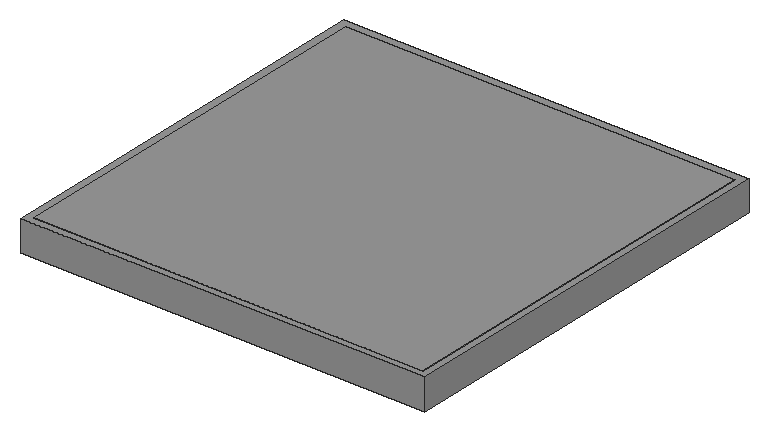
Revit family "ДВО-09 30 Вт Грильято DALI", category Осветительные приборы, Revit 2019 (continued)
Parameters (values of type "ДВО-09-О-30-3К-IP40-Грильято-DALI")
    017.2 1004.6 991.4 978.3 964.7 951.1 937.4 923.4 908.9 894.5 879.4 864.4 848.5 832.5 815.9 799.4 782.4 765.5 748.1 730.8 713.1 695.7 677.3 659.3 640.5 621.9 602.4 583.3 563.7 544.6 524.8 505.4 485.4 465.4 444.8 424.7 403.8 382.9 362.4 341.4 320.7 299.8 279.3 258.6 238.4 217.9 198.2 178.3 159.2 140.1 121.9 104.0 87.4 71.6 57.5 44.5 33.3 24.2 17.3 12.3 9.1 7.2 6.3 6.1 6.1 6.1 6.2 6.1 6.2 6.3 6.2 0.0 0.0 0.0 0.0 0.0 0.0 0.0 0.0 0.0 0.0 0.0 0.0 0.0 0.0 0.0 0.0 0.0 0.0 0.0 0.0 0.0 0.0 0.0 0.0 0.0 0.0 0.0 0.0 0.0 0.0 0.0 0.0 0.0 0.0 0.0 0.0 0.0 0.0 0.0 0.0 0.0 0.0 0.0 0.0 0.0 0.0 0.0 0.0 0.0 0.0 0.0 0.0 0.0 0.0 0.0 0.0 0.0 0.0 0.0 0.0 0.0\r\n1213.1 1212.5 1211.4 1209.7 1207.7 1205.2 1202.4 1199.0 1195.1 1191.1 1186.4 1181.3 1175.8 1169.6 1163.1 1156.1 1148.7 1141.0 1132.7 1124.2 1115.2 1105.9 1096.5 1086.6 1076.2 1065.2 1054.2 1042.6 1030.9 1018.7 1006.2 993.3 980.2 966.5 952.8 939.0 924.7 910.3 895.5 880.5 865.0 849.3 833.2 816.8 800.2 783.4 766.4 749.3 732.0 714.6 697.1 679.1 660.9 642.4 623.7 604.6 585.4 566.0 546.5 526.9 507.2 487.3 467.1 446.8 426.5 405.8 385.0 364.5 343.5 322.9 301.9 281.4 260.6 240.4 219.8 200.1 180.2 161.0 141.9 123.4 105.7 88.9 73.1 58.6 45.7 34.3 25.1 18.0 12.9 9.6 7.6 6.6 6.2 6.1 6.2 6.2 6.2 6.2 6.3 6.3 0.0 0.0 0.0 0.0 0.0 0.0 0.0 0.0 0.0 0.0 0.0 0.0 0.0 0.0 0.0 0.0 0.0 0.0 0.0 0.0 0.0 0.0 0.0 0.0 0.0 0.0 0.0 0.0 0.0 0.0 0.0 0.0 0.0 0.0 0.0 0.0 0.0 0.0 0.0 0.0 0.0 0.0 0.0 0.0 0.0 0.0 0.0 0.0 0.0 0.0 0.0 0.0 0.0 0.0 0.0 0.0 0.0 0.0 0.0 0.0 0.0\r\n1213.1 1212.4 1211.4 1209.9 1207.9 1205.4 1202.5 1199.2 1195.4 1191.4 1186.7 1181.5 1176.1 1170.0 1163.6 1156.8 1149.5 1141.8 1133.8 1125.3 1116.3 1106.9 1097.4 1087.3 1076.9 1066.0 1055.1 1043.6 1032.1 1020.1 1007.7 995.1 982.0 968.3 954.5 940.5 926.0 911.6 896.4 881.5 865.6 850.1 833.9 817.7 801.0 784.3 767.3 750.5 733.2 716.1 698.4 680.8 662.5 644.3 625.5 606.7 587.4 568.2 548.4 528.9 509.0 489.1 468.8 448.8 428.2 407.8 387.1 366.6 345.6 325.0 304.0 283.4 262.5 242.3 221.7 201.9 182.0 162.7 143.6 124.9 107.4 90.3 74.6 59.7 46.8 35.2 26.0 18.6 13.5 10.1 7.9 6.9 6.3 6.1 6.2 6.2 6.2 6.2 6.3 6.4 0.0 0.0 0.0 0.0 0.0 0.0 0.0 0.0 0.0 0.0 0.0 0.0 0.0 0.0 0.0 0.0 0.0 0.0 0.0 0.0 0.0 0.0 0.0 0.0 0.0 0.0 0.0 0.0 0.0 0.0 0.0 0.0 0.0 0.0 0.0 0.0 0.0 0.0 0.0 0.0 0.0 0.0 0.0 0.0 0.0 0.0 0.0 0.0 0.0 0.0 0.0 0.0 0.0 0.0 0.0 0.0 0.0 0.0 0.0 0.0 0.0\r\n1213.1 1212.4 1211.2 1209.5 1207.3 1204.6 1201.4 1197.9 1193.9 1189.7 1184.8 1179.6 1173.9 1167.8 1161.1 1154.1 1146.5 1138.6 1130.3 1121.6 1112.5 1102.9 1093.3 1083.0 1072.6 1061.6 1050.5 1038.7 1027.0 1014.6 1002.0 989.0 975.7 961.8 947.9 933.7 919.2 904.6 889.6 874.5 859.0 843.5 827.5 811.2 794.7 777.8 760.8 743.6 726.1 708.5 690.7 672.6 654.3 635.8 617.2 598.2 579.1 559.8 540.3 520.6 500.6 480.7 460.3 440.2 419.4 399.0 378.2 357.6 336.7 316.2 295.3 275.0 254.3 234.4 214.1 194.5 175.0 156.0 137.2 119.1 101.8 85.3 70.0 55.8 43.3 32.6 23.9 17.1 12.4 9.3 7.5 6.7 6.4 6.3 6.4 6.4 6.3 6.4 6.5 6.6 0.0 0.0 0.0 0.0 0.0 0.0 0.0 0.0 0.0 0.0 0.0 0.0 0.0 0.0 0.0 0.0 0.0 0.0 0.0 0.0 0.0 0.0 0.0 0.0 0.0 0.0 0.0 0.0 0.0 0.0 0.0 0.0 0.0 0.0 0.0 0.0 0.0 0.0 0.0 0.0 0.0 0.0 0.0 0.0 0.0 0.0 0.0 0.0 0.0 0.0 0.0 0.0 0.0 0.0 0.0 0.0 0.0 0.0 0.0 0.0 0.0\r\n1213.1 1212.4 1211.0 1209.0 1206.6 1203.8 1200.3 1196.6 1192.3 1187.9 1182.9 1177.6 1171.6 1165.5 1158.5 1151.3 1143.5 1135.3 1126.8 1117.8 1108.6 1098.9 1089.1 1078.7 1068.2 1057.1 1045.8 1033.8 1021.8 1009.1 996.3 982.8 969.3 955.2 941.2 926.8 912.4 897.5 882.7 867.5 852.4 836.8 821.0 804.7 788.4 771.2 754.2 736.6 719.0 700.8 683.0 664.4 646.1 627.2 608.8 589.7 570.8 551.3 532.1 512.2 492.1 472.3 451.8 431.6 410.6 390.1 369.2 348.6 327.7 307.3 286.6 266.5 246.0 226.4 206.4 187.1 167.9 149.3 130.8 113.3 96.2 80.2 65.4 51.9 39.8 29.9 21.7 15.6 11.2 8.5 7.0 6.5 6.4 6.4 6.5 6.6 6.4 6.6 6.7 6.7 0.0 0.0 0.0 0.0 0.0 0.0 0.0 0.0 0.0 0.0 0.0 0.0 0.0 0.0 0.0 0.0 0.0 0.0 0.0 0.0 0.0 0.0 0.0 0.0 0.0 0.0 0.0 0.0 0.0 0.0 0.0 0.0 0.0 0.0 0.0 0.0 0.0 0.0 0.0 0.0 0.0 0.0 0.0 0.0 0.0 0.0 0.0 0.0 0.0 0.0 0.0 0.0 0.0 0.0 0.0 0.0 0.0 0.0 0.0 0.0 0.0\r\n1213.1 1212.5 1211.3 1209.5 1207.5 1205.0 1202.2 1198.8 1194.8 1190.7 1186.0 1181.0 1175.4 1169.1 1162.5 1155.4 1147.9 1140.1 1131.6 1123.0 1114.0 1104.9 1095.6 1085.8 1075.4 1064.4 1053.3 1041.6 1029.7 1017.2 1004.6 991.4 978.3 964.7 951.1 937.4 923.4 908.9 894.5 879.4 864.4 848.5 832.5 815.9 799.4 782.4 765.5 748.1 730.8 713.1 695.7 677.3 659.3 640.5 621.9 602.4 583.3 563.7 544.6 524.8 505.4 485.4 465.4 444.8 424.7 403.8 382.9 362.4 341.4 320.7 299.8 279.3 258.6 238.4 217.9 198.2 178.3 159.2 140.1 121.9 104.0 87.4 71.6 57.5 44.5 33.3 24.2 17.3 12.3 9.1 7.2 6.3 6.1 6.1 6.1 6.2 6.1 6.2 6.3 6.2 0.0 0.0 0.0 0.0 0.0 0.0 0.0 0.0 0.0 0.0 0.0 0.0 0.0 0.0 0.0 0.0 0.0 0.0 0.0 0.0 0.0 0.0 0.0 0.0 0.0 0.0 0.0 0.0 0.0 0.0 0.0 0.0 0.0 0.0 0.0 0.0 0.0 0.0 0.0 0.0 0.0 0.0 0.0 0.0 0.0 0.0 0.0 0.0 0.0 0.0 0.0 0.0 0.0 0.0 0.0 0.0 0.0 0.0 0.0 0.0 0.0\r\n1213.1 1212.5 1211.4 1209.7 1207.7 1205.2 1202.4 1199.0 1195.1 1191.1 1186.4 1181.3 1175.8 1169.6 1163.1 1156.1 1148.7 1141.0 1132.7 1124.2 1115.2 1105.9 1096.5 1086.6 1076.2 1065.2 1054.2 1042.6 1030.9 1018.7 1006.2 993.3 980.2 966.5 952.8 939.0 924.7 910.3 895.5 880.5 865.0 849.3 833.2 816.8 800.2 783.4 766.4 749.3 732.0 714.6 697.1 679.1 660.9 642.4 623.7 604.6 585.4 566.0 546.5 526.9 507.2 487.3 467.1 446.8 426.5 405.8 385.0 364.5 343.5 322.9 301.9 281.4 260.6 240.4 219.8 200.1 180.2 161.0 141.9 123.4 105.7 88.9 73.1 58.6 45.7 34.3 25.1 18.0 12.9 9.6 7.6 6.6 6.2 6.1 6.2 6.2 6.2 6.2 6.3 6.3 0.0 0.0 0.0 0.0 0.0 0.0 0.0 0.0 0.0 0.0 0.0 0.0 0.0 0.0 0.0 0.0 0.0 0.0 0.0 0.0 0.0 0.0 0.0 0.0 0.0 0.0 0.0 0.0 0.0 0.0 0.0 0.0 0.0 0.0 0.0 0.0 0.0 0.0 0.0 0.0 0.0 0.0 0.0 0.0 0.0 0.0 0.0 0.0 0.0 0.0 0.0 0.0 0.0 0.0 0.0 0.0 0.0 0.0 0.0 0.0 0.0\r\n1213.1 1212.4 1211.4 1209.9 1207.9 1205.4 1202.5 1199.2 1195.4 1191.4 1186.7 1181.5 1176.1 1170.0 1163.6 1156.8 1149.5 1141.8 1133.8 1125.3 1116.3 1106.9 1097.4 1087.3 1076.9 1066.0 1055.1 1043.6 1032.1 1020.1 1007.7 995.1 982.0 968.3 954.5 940.5 926.0 911.6 896.4 881.5 865.6 850.1 833.9 817.7 801.0 784.3 767.3 750.5 733.2 716.1 698.4 680.8 662.5 644.3 625.5 606.7 587.4 568.2 548.4 528.9 509.0 489.1 468.8 448.8 428.2 407.8 387.1 366.6 345.6 325.0 304.0 283.4 262.5 242.3 221.7 201.9 182.0 162.7 143.6 124.9 107.4 90.3 74.6 59.7 46.8 35.2 26.0 18.6 13.5 10.1 7.9 6.9 6.3 6.1 6.2 6.2 6.2 6.2 6.3 6.4 0.0 0.0 0.0 0.0 0.0 0.0 0.0 0.0 0.0 0.0 0.0 0.0 0.0 0.0 0.0 0.0 0.0 0.0 0.0 0.0 0.0 0.0 0.0 0.0 0.0 0.0 0.0 0.0 0.0 0.0 0.0 0.0 0.0 0.0 0.0 0.0 0.0 0.0 0.0 0.0 0.0 0.0 0.0 0.0 0.0 0.0 0.0 0.0 0.0 0.0 0.0 0.0 0.0 0.0 0.0 0.0 0.0 0.0 0.0 0.0 0.0\r\n1213.1 1212.4 1211.2 1209.5 1207.3 1204.6 1201.4 1197.9 1193.9 1189.7 1184.8 1179.6 1173.9 1167.8 1161.1 1154.1 1146.5 1138.6 1130.3 1121.6 1112.5 1102.9 1093.3 1083.0 1072.6 1061.6 1050.5 1038.7 1027.0 1014.6 1002.0 989.0 975.7 961.8 947.9 933.7 919.2 904.6 889.6 874.5 859.0 843.5 827.5 811.2 794.7 777.8 760.8 743.6 726.1 708.5 690.7 672.6 654.3 635.8 617.2 598.2 579.1 559.8 540.3 520.6 500.6 480.7 460.3 440.2 419.4 399.0 378.2 357.6 336.7 316.2 295.3 275.0 254.3 234.4 214.1 194.5 175.0 156.0 137.2 119.1 101.8 85.3 70.0 55.8 43.3 32.6 23.9 17.1 12.4 9.3 7.5 6.7 6.4 6.3 6.4 6.4 6.3 6.4 6.5 6.6 0.0 0.0 0.0 0.0 0.0 0.0 0.0 0.0 0.0 0.0 0.0 0.0 0.0 0.0 0.0 0.0 0.0 0.0 0.0 0.0 0.0 0.0 0.0 0.0 0.0 0.0 0.0 0.0 0.0 0.0 0.0 0.0 0.0 0.0 0.0 0.0 0.0 0.0 0.0 0.0 0.0 0.0 0.0 0.0 0.0 0.0 0.0 0.0 0.0 0.0 0.0 0.0 0.0 0.0 0.0 0.0 0.0 0.0 0.0 0.0 0.0\r\n1213.1 1212.4 1211.0 1209.0 1206.6 1203.8 1200.3 1196.6 1192.3 1187.9 1182.9 1177.6 1171.6 1165.5 1158.5 1151.3 1143.5 1135.3 1126.8 1117.8 1108.6 1098.9 1089.1 1078.7 1068.2 1057.1 1045.8 1033.8 1021.8 1009.1 996.3 982.8 969.3 955.2 941.2 926.8 912.4 897.5 882.7 867.5 852.4 836.8 821.0 804.7 788.4 771.2 754.2 736.6 719.0 700.8 683.0 664.4 646.1 627.2 608.8 589.7 570.8 551.3 532.1 512.2 492.1 472.3 451.8 431.6 410.6 390.1 369.2 348.6 327.7 307.3 286.6 266.5 246.0 226.4 206.4 187.1 167.9 149.3 130.8 113.3 96.2 80.2 65.4 51.9 39.8 29.9 21.7 15.6 11.2 8.5 7.0 6.5 6.4 6.4 6.5 6.6 6.4 6.6 6.7 6.7 0.0 0.0 0.0 0.0 0.0 0.0 0.0 0.0 0.0 0.0 0.0 0.0 0.0 0.0 0.0 0.0 0.0 0.0 0.0 0.0 0.0 0.0 0.0 0.0 0.0 0.0 0.0 0.0 0.0 0.0 0.0 0.0 0.0 0.0 0.0 0.0 0.0 0.0 0.0 0.0 0.0 0.0 0.0 0.0 0.0 0.0 0.0 0.0 0.0 0.0 0.0 0.0 0.0 0.0 0.0 0.0 0.0 0.0 0.0 0.0 0.0\r\n1213.1 1212.5 1211.3 1209.5 1207.5 1205.0 1202.2 1198.8 1194.8 1190.7 1186.0 1181.0 1175.4 1169.1 1162.5 1155.4 1147.9 1140.1 1131.6 1123.0 1114.0 1104.9 1095.6 1085.8 1075.4 1064.4 1053.3 1041.6 1029.7 1017.2 1004.6 991.4 978.3 964.7 951.1 937.4 923.4 908.9 894.5 879.4 864.4 848.5 832.5 815.9 799.4 782.4 765.5 748.1 730.8 713.1 695.7 677.3 659.3 640.5 621.9 602.4 583.3 563.7 544.6 524.8 505.4 485.4 465.4 444.8 424.7 403.8 382.9 362.4 341.4 320.7 299.8 279.3 258.6 238.4 217.9 198.2 178.3 159.2 140.1 121.9 104.0 87.4 71.6 57.5 44.5 33.3 24.2 17.3 12.3 9.1 7.2 6.3 6.1 6.1 6.1 6.2 6.1 6.2 6.3 6.2 0.0 0.0 0.0 0.0 0.0 0.0 0.0 0.0 0.0 0.0 0.0 0.0 0.0 0.0 0.0 0.0 0.0 0.0 0.0 0.0 0.0 0.0 0.0 0.0 0.0 0.0 0.0 0.0 0.0 0.0 0.0 0.0 0.0 0.0 0.0 0.0 0.0 0.0 0.0 0.0 0.0 0.0 0.0 0.0 0.0 0.0 0.0 0.0 0.0 0.0 0.0 0.0 0.0 0.0 0.0 0.0 0.0 0.0 0.0 0.0 0.0\r\n1213.1 1212.5 1211.4 1209.7 1207.7 1205.2 1202.4 1199.0 1195.1 1191.1 1186.4 1181.3 1175.8 1169.6 1163.1 1156.1 1148.7 1141.0 1132.7 1124.2 1115.2 1105.9 1096.5 1086.6 1076.2 1065.2 1054.2 1042.6 1030.9 1018.7 1006.2 993.3 980.2 966.5 952.8 939.0 924.7 910.3 895.5 880.5 865.0 849.3 833.2 816.8 800.2 783.4 766.4 749.3 732.0 714.6 697.1 679.1 660.9 642.4 623.7 604.6 585.4 566.0 546.5 526.9 507.2 487.3 467.1 446.8 426.5 405.8 385.0 364.5 343.5 322.9 301.9 281.4 260.6 240.4 219.8 200.1 180.2 161.0 141.9 123.4 105.7 88.9 73.1 58.6 45.7 34.3 25.1 18.0 12.9 9.6 7.6 6.6 6.2 6.1 6.2 6.2 6.2 6.2 6.3 6.3 0.0 0.0 0.0 0.0 0.0 0.0 0.0 0.0 0.0 0.0 0.0 0.0 0.0 0.0 0.0 0.0 0.0 0.0 0.0 0.0 0.0 0.0 0.0 0.0 0.0 0.0 0.0 0.0 0.0 0.0 0.0 0.0 0.0 0.0 0.0 0.0 0.0 0.0 0.0 0.0 0.0 0.0 0.0 0.0 0.0 0.0 0.0 0.0 0.0 0.0 0.0 0.0 0.0 0.0 0.0 0.0 0.0 0.0 0.0 0.0 0.0\r\n1213.1 1212.4 1211.4 1209.9 1207.9 1205.4 1202.5 1199.2 1195.4 1191.4 1186.7 1181.5 1176.1 1170.0 1163.6 1156.8 1149.5 1141.8 1133.8 1125.3 1116.3 1106.9 1097.4 1087.3 1076.9 1066.0 1055.1 1043.6 1032.1 1020.1 1007.7 995.1 982.0 968.3 954.5 940.5 926.0 911.6 896.4 881.5 865.6 850.1 833.9 817.7 801.0 784.3 767.3 750.5 733.2 716.1 698.4 680.8 662.5 644.3 625.5 606.7 587.4 568.2 548.4 528.9 509.0 489.1 468.8 448.8 428.2 407.8 387.1 366.6 345.6 325.0 304.0 283.4 262.5 242.3 221.7 201.9 182.0 162.7 143.6 124.9 107.4 90.3 74.6 59.7 46.8 35.2 26.0 18.6 13.5 10.1 7.9 6.9 6.3 6.1 6.2 6.2 6.2 6.2 6.3 6.4 0.0 0.0 0.0 0.0 0.0 0.0 0.0 0.0 0.0 0.0 0.0 0.0 0.0 0.0 0.0 0.0 0.0 0.0 0.0 0.0 0.0 0.0 0.0 0.0 0.0 0.0 0.0 0.0 0.0 0.0 0.0 0.0 0.0 0.0 0.0 0.0 0.0 0.0 0.0 0.0 0.0 0.0 0.0 0.0 0.0 0.0 0.0 0.0 0.0 0.0 0.0 0.0 0.0 0.0 0.0 0.0 0.0 0.0 0.0 0.0 0.0\r\n1213.1 1212.4 1211.2 1209.5 1207.3 1204.6 1201.4 1197.9 1193.9 1189.7 1184.8 1179.6 1173.9 1167.8 1161.1 1154.1 1146.5 1138.6 1130.3 1121.6 1112.5 1102.9 1093.3 1083.0 1072.6 1061.6 1050.5 1038.7 1027.0 1014.6 1002.0 989.0 975.7 961.8 947.9 933.7 919.2 904.6 889.6 874.5 859.0 843.5 827.5 811.2 794.7 777.8 760.8 743.6 726.1 708.5 690.7 672.6 654.3 635.8 617.2 598.2 579.1 559.8 540.3 520.6 500.6 480.7 460.3 440.2 419.4 399.0 378.2 357.6 336.7 316.2 295.3 275.0 254.3 234.4 214.1 194.5 175.0 156.0 137.2 119.1 101.8 85.3 70.0 55.8 43.3 32.6 23.9 17.1 12.4 9.3 7.5 6.7 6.4 6.3 6.4 6.4 6.3 6.4 6.5 6.6 0.0 0.0 0.0 0.0 0.0 0.0 0.0 0.0 0.0 0.0 0.0 0.0 0.0 0.0 0.0 0.0 0.0 0.0 0.0 0.0 0.0 0.0 0.0 0.0 0.0 0.0 0.0 0.0 0.0 0.0 0.0 0.0 0.0 0.0 0.0 0.0 0.0 0.0 0.0 0.0 0.0 0.0 0.0 0.0 0.0 0.0 0.0 0.0 0.0 0.0 0.0 0.0 0.0 0.0 0.0 0.0 0.0 0.0 0.0 0.0 0.0\r\n1213.1 1212.4 1211.0 1209.0 1206.6 1203.8 1200.3 1196.6 1192.3 1187.9 1182.9 1177.6 1171.6 1165.5 1158.5 1151.3 1143.5 1135.3 1126.8 1117.8 1108.6 1098.9 1089.1 1078.7 1068.2 1057.1 1045.8 1033.8 1021.8 1009.1 996.3 982.8 969.3 955.2 941.2 926.8 912.4 897.5 882.7 867.5 852.4 836.8 821.0 804.7 788.4 771.2 754.2 736.6 719.0 700.8 683.0 664.4 646.1 627.2 608.8 589.7 570.8 551.3 532.1 512.2 492.1 472.3 451.8 431.6 410.6 390.1 369.2 348.6 327.7 307.3 286.6 266.5 246.0 226.4 206.4 187.1 167.9 149.3 130.8 113.3 96.2 80.2 65.4 51.9 39.8 29.9 21.7 15.6 11.2 8.5 7.0 6.5 6.4 6.4 6.5 6.6 6.4 6.6 6.7 6.7 0.0 0.0 0.0 0.0 0.0 0.0 0.0 0.0 0.0 0.0 0.0 0.0 0.0 0.0 0.0 0.0 0.0 0.0 0.0 0.0 0.0 0.0 0.0 0.0 0.0 0.0 0.0 0.0 0.0 0.0 0.0 0.0 0.0 0.0 0.0 0.0 0.0 0.0 0.0 0.0 0.0 0.0 0.0 0.0 0.0 0.0 0.0 0.0 0.0 0.0 0.0 0.0 0.0 0.0 0.0 0.0 0.0 0.0 0.0 0.0 0.0\r\n1213.1 1212.5 1211.3 1209.5 1207.5 1205.0 1202.2 1198.8 1194.8 1190.7 1186.0 1181.0 1175.4 1169.1 1162.5 1155.4 1147.9 1140.1 1131.6 1123.0 1114.0 1104.9 1095.6 1085.8 1075.4 1064.4 1053.3 1041.6 1029.7 1017.2 1004.6 991.4 978.3 964.7 951.1 937.4 923.4 908.9 894.5 879.4 864.4 848.5 832.5 815.9 799.4 782.4 765.5 748.1 730.8 713.1 695.7 677.3 659.3 640.5 621.9 602.4 583.3 563.7 544.6 524.8 505.4 485.4 465.4 444.8 424.7 403.8 382.9 362.4 341.4 320.7 299.8 279.3 258.6 238.4 217.9 198.2 178.3 159.2 140.1 121.9 104.0 87.4 71.6 57.5 44.5 33.3 24.2 17.3 12.3 9.1 7.2 6.3 6.1 6.1 6.1 6.2 6.1 6.2 6.3 6.2 0.0 0.0 0.0 0.0 0.0 0.0 0.0 0.0 0.0 0.0 0.0 0.0 0.0 0.0 0.0 0.0 0.0 0.0 0.0 0.0 0.0 0.0 0.0 0.0 0.0 0.0 0.0 0.0 0.0 0.0 0.0 0.0 0.0 0.0 0.0 0.0 0.0 0.0 0.0 0.0 0.0 0.0 0.0 0.0 0.0 0.0 0.0 0.0 0.0 0.0 0.0 0.0 0.0 0.0 0.0 0.0 0.0 0.0 0.0 0.0 0.0\r\n1213.1 1212.5 1211.4 1209.7 1207.7 1205.2 1202.4 1199.0 1195.1 1191.1 1186.4 1181.3 1175.8 1169.6 1163.1 1156.1 1148.7 1141.0 1132.7 1124.2 1115.2 1105.9 1096.5 1086.6 1076.2 1065.2 1054.2 1042.6 1030.9 1018.7 1006.2 993.3 980.2 966.5 952.8 939.0 924.7 910.3 895.5 880.5 865.0 849.3 833.2 816.8 800.2 783.4 766.4 749.3 732.0 714.6 697.1 679.1 660.9 642.4 623.7 604.6 585.4 566.0 546.5 526.9 507.2 487.3 467.1 446.8 426.5 405.8 385.0 364.5 343.5 322.9 301.9 281.4 260.6 240.4 219.8 200.1 180.2 161.0 141.9 123.4 105.7 88.9 73.1 58.6 45.7 34.3 25.1 18.0 12.9 9.6 7.6 6.6 6.2 6.1 6.2 6.2 6.2 6.2 6.3 6.3 0.0 0.0 0.0 0.0 0.0 0.0 0.0 0.0 0.0 0.0 0.0 0.0 0.0 0.0 0.0 0.0 0.0 0.0 0.0 0.0 0.0 0.0 0.0 0.0 0.0 0.0 0.0 0.0 0.0 0.0 0.0 0.0 0.0 0.0 0.0 0.0 0.0 0.0 0.0 0.0 0.0 0.0 0.0 0.0 0.0 0.0 0.0 0.0 0.0 0.0 0.0 0.0 0.0 0.0 0.0 0.0 0.0 0.0 0.0 0.0 0.0\r\n1213.1 1212.4 1211.4 1209.9 1207.9 1205.4 1202.5 1199.2 1195.4 1191.4 1186.7 1181.5 1176.1 1170.0 1163.6 1156.8 1149.5 1141.8 1133.8 1125.3 1116.3 1106.9 1097.4 1087.3 1076.9 1066.0 1055.1 1043.6 1032.1 1020.1 1007.7 995.1 982.0 968.3 954.5 940.5 926.0 911.6 896.4 881.5 865.6 850.1 833.9 817.7 801.0 784.3 767.3 750.5 733.2 716.1 698.4 680.8 662.5 644.3 625.5 606.7 587.4 568.2 548.4 528.9 509.0 489.1 468.8 448.8 428.2 407.8 387.1 366.6 345.6 325.0 304.0 283.4 262.5 242.3 221.7 201.9 182.0 162.7 143.6 124.9 107.4 90.3 74.6 59.7 46.8 35.2 26.0 18.6 13.5 10.1 7.9 6.9 6.3 6.1 6.2 6.2 6.2 6.2 6.3 6.4 0.0 0.0 0.0 0.0 0.0 0.0 0.0 0.0 0.0 0.0 0.0 0.0 0.0 0.0 0.0 0.0 0.0 0.0 0.0 0.0 0.0 0.0 0.0 0.0 0.0 0.0 0.0 0.0 0.0 0.0 0.0 0.0 0.0 0.0 0.0 0.0 0.0 0.0 0.0 0.0 0.0 0.0 0.0 0.0 0.0 0.0 0.0 0.0 0.0 0.0 0.0 0.0 0.0 0.0 0.0 0.0 0.0 0.0 0.0 0.0 0.0\r\n1213.1 1212.4 1211.2 1209.5 1207.3 1204.6 1201.4 1197.9 1193.9 1189.7 1184.8 1179.6 1173.9 1167.8 1161.1 1154.1 1146.5 1138.6 1130.3 1121.6 1112.5 1102.9 1093.3 1083.0 1072.6 1061.6 1050.5 1038.7 1027.0 1014.6 1002.0 989.0 975.7 961.8 947.9 933.7 919.2 904.6 889.6 874.5 859.0 843.5 827.5 811.2 794.7 777.8 760.8 743.6 726.1 708.5 690.7 672.6 654.3 635.8 617.2 598.2 579.1 559.8 540.3 520.6 500.6 480.7 460.3 440.2 419.4 399.0 378.2 357.6 336.7 316.2 295.3 275.0 254.3 234.4 214.1 194.5 175.0 156.0 137.2 119.1 101.8 85.3 70.0 55.8 43.3 32.6 23.9 17.1 12.4 9.3 7.5 6.7 6.4 6.3 6.4 6.4 6.3 6.4 6.5 6.6 0.0 0.0 0.0 0.0 0.0 0.0 0.0 0.0 0.0 0.0 0.0 0.0 0.0 0.0 0.0 0.0 0.0 0.0 0.0 0.0 0.0 0.0 0.0 0.0 0.0 0.0 0.0 0.0 0.0 0.0 0.0 0.0 0.0 0.0 0.0 0.0 0.0 0.0 0.0 0.0 0.0 0.0 0.0 0.0 0.0 0.0 0.0 0.0 0.0 0.0 0.0 0.0 0.0 0.0 0.0 0.0 0.0 0.0 0.0 0.0 0.0\r\n1213.1 1212.4 1211.0 1209.0 1206.6 1203.8 1200.3 1196.6 1192.3 1187.9 1182.9 1177.6 1171.6 1165.5 1158.5 1151.3 1143.5 1135.3 1126.8
